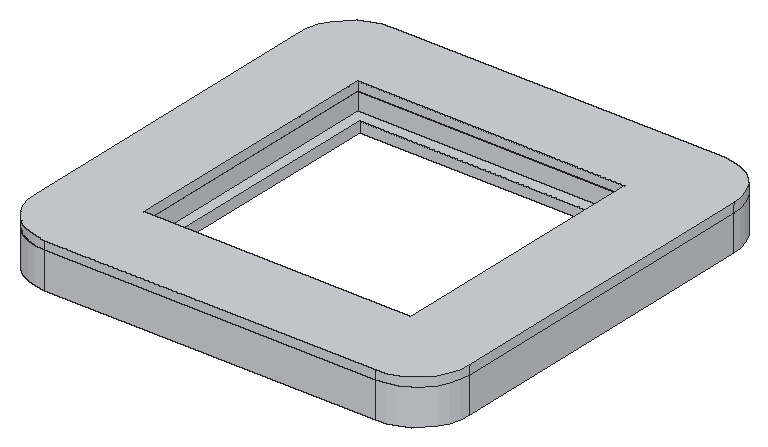
Revit family "Gira_0211413", category Electrical Fixtures, host Face, Revit 2017
Family settings
  Host = Face
  Maintain Annotation Orientation = No
  Round Connector Dimension = Use Diameter
  Part Type = Normal
  Cut with Voids When Loaded = No
  Shared = No
  Room Calculation Point = No
Parameters (values of type "Cov.fr. 1-g Gira E3 dark grey/p.white")
  URL = "http://katalog.gira.de/en/datenblatt.html?artikelnr=0211413"
  Transparent = "No"
  Name = "Cov.fr. 1-g Gira E3 dark grey/p.white"
  Manufacturer URL = "https://www.gira.de/"
  Manufacturer = "Gira"
  Keynote = ""
  HeinzeBIM = "https://bimportal.heinze.de/bim/cov-fr-1-g-gira-e3-dark-grey-p-white/19f9a154e27692f283215f03acee91920990353f"
  HAN = "0211413"
  GTIN = "4010337024026"
  Description = "Cov.fr.1g E3 DgyPw,Gira E3 cover frame,dark grey soft touch with pure white glossy intermediate frame,1-gang,Features:,- Shatter-proof.,,Notes :,- Soft-touch surface,- NCS value: approx. NCS S 7000-N"
  Default Elevation = 1219.2 mm
  Data sheet (1) = "https://katalog.gira.de/en/download.html?artikelnr=0211413"
  Category = "Cover frame for domestic switching devices"
  BIM (1) = "https://media.stage.bim.site/public/gira/36a6b08/E3_Rahmen_1fach.rfa"
  Available = "No"
Reference planes
  plane 1 "Center (Front/Back)": y = 0
  plane 2: z = 0
  plane 3 "Center (Left/Right)": x = 0
Forms (mm)
  Extrusion 1, solid, detail levels fine
    sketch origin (0, 0, 0) x (1, 0, 0) y (0, 1, 0)
      loop
        arc (-34.8, 45.809) -> (-42.585, 42.585) -> (-45.809, 34.8) r 11.009
        line (-45.809, 34.8) -> (-45.809, -34.8)
        arc (-45.809, -34.8) -> (-42.585, -42.585) -> (-34.8, -45.809) r 11.009
        line (-34.8, -45.809) -> (34.8, -45.809)
        arc (34.8, -45.809) -> (42.585, -42.585) -> (45.809, -34.8) r 11.009
        line (45.809, -34.8) -> (45.809, 34.8)
        arc (45.809, 34.8) -> (42.585, 42.585) -> (34.8, 45.809) r 11.009
        line (34.8, 45.809) -> (-34.8, 45.809)
      loop
        line (28.187, 28.156) -> (-28.187, 28.156) -> (-28.187, -28.156) -> (28.187, -28.156) -> (28.187, 28.156)
    from 7.65 to 9.5
  Extrusion 2, solid, detail levels fine
    sketch origin (0, 0, 0) x (1, 0, 0) y (0, 1, 0)
      loop
        line (25.7, 25.7) -> (-25.7, 25.7) -> (-25.7, -25.7) -> (25.7, -25.7) -> (25.7, 25.7)
      loop
        line (-28.187, -28.156) -> (28.187, -28.156) -> (28.187, 28.156) -> (-28.187, 28.156) -> (-28.187, -28.156)
    from 1.65 to 3.9
  Extrusion 3, solid, detail levels fine
    sketch origin (0, 0, 0) x (1, 0, 0) y (0, 1, 0)
      loop
        arc (-34.8, 45.809) -> (-42.585, 42.585) -> (-45.809, 34.8) r 11.009
        line (-45.809, 34.8) -> (-45.809, -34.8)
        arc (-45.809, -34.8) -> (-42.585, -42.585) -> (-34.8, -45.809) r 11.009
        line (-34.8, -45.809) -> (34.8, -45.809)
        arc (34.8, -45.809) -> (42.585, -42.585) -> (45.809, -34.8) r 11.009
        line (45.809, -34.8) -> (45.809, 34.8)
        arc (45.809, 34.8) -> (42.585, 42.585) -> (34.8, 45.809) r 11.009
        line (34.8, 45.809) -> (-34.8, 45.809)
      loop
        line (-43.843, 34.785) -> (-43.843, -34.785)
        arc (-43.843, -34.785) -> (-41.19, -41.19) -> (-34.785, -43.843) r 9.058
        line (-34.785, -43.843) -> (34.785, -43.843)
        arc (34.785, -43.843) -> (41.19, -41.19) -> (43.843, -34.785) r 9.058
        line (43.843, -34.785) -> (43.843, 34.785)
        arc (43.843, 34.785) -> (41.19, 41.19) -> (34.785, 43.843) r 9.058
        line (34.785, 43.843) -> (-34.785, 43.843)
        arc (-34.785, 43.843) -> (-41.19, 41.19) -> (-43.843, 34.785) r 9.058
    from 0 to 7.65
  Extrusion 4, solid, detail levels fine
    sketch origin (0, 0, 0) x (1, 0, 0) y (0, 1, 0)
      loop
        line (-27.337, -31.075) -> (27.337, -31.075)
        arc (27.337, -31.075) -> (29.98, -29.98) -> (31.075, -27.337) r 3.739
        line (31.075, -27.337) -> (31.075, 27.337)
        arc (31.075, 27.337) -> (29.98, 29.98) -> (27.337, 31.075) r 3.739
        line (27.337, 31.075) -> (-27.337, 31.075)
        arc (-27.337, 31.075) -> (-29.98, 29.98) -> (-31.075, 27.337) r 3.739
        line (-31.075, 27.337) -> (-31.075, -27.337)
        arc (-31.075, -27.337) -> (-29.98, -29.98) -> (-27.337, -31.075) r 3.739
      loop
        line (-29.925, 27.537) -> (-29.925, -27.537)
        arc (-29.925, -27.537) -> (-29.226, -29.226) -> (-27.537, -29.925) r 2.389
        line (-27.537, -29.925) -> (27.537, -29.925)
        arc (27.537, -29.925) -> (29.226, -29.226) -> (29.925, -27.537) r 2.389
        line (29.925, -27.537) -> (29.925, 27.537)
        arc (29.925, 27.537) -> (29.226, 29.226) -> (27.537, 29.925) r 2.389
        line (27.537, 29.925) -> (-27.537, 29.925)
        arc (-27.537, 29.925) -> (-29.226, 29.226) -> (-29.925, 27.537) r 2.389
    from 1.65 to 7.65
  Extrusion 5, solid, detail levels fine
    sketch origin (0, 0, 0) x (1, 0, 0) y (0, 1, 0)
      loop
        line (-32.053, -39.8) -> (32.053, -39.8)
        arc (32.053, -39.8) -> (37.667, -36.708) -> (39.9, -30.7) r 9.2
        line (39.9, -30.7) -> (39.9, 30.7)
        arc (39.9, 30.7) -> (37.205, 37.205) -> (30.7, 39.9) r 9.2
        line (30.7, 39.9) -> (-30.7, 39.9)
        arc (-30.7, 39.9) -> (-37.205, 37.205) -> (-39.9, 30.7) r 9.2
        line (-39.9, 30.7) -> (-39.9, -30.7)
        arc (-39.9, -30.7) -> (-37.667, -36.708) -> (-32.053, -39.8) r 9.2
      loop
        line (-30.7, -31.7) -> (30.7, -31.7)
        arc (30.7, -31.7) -> (31.407, -31.407) -> (31.7, -30.7) r 1
        line (31.7, -30.7) -> (31.7, 30.7)
        arc (31.7, 30.7) -> (31.407, 31.407) -> (30.7, 31.7) r 1
        line (30.7, 31.7) -> (-30.7, 31.7)
        arc (-30.7, 31.7) -> (-31.407, 31.407) -> (-31.7, 30.7) r 1
        line (-31.7, 30.7) -> (-31.7, -30.7)
        arc (-31.7, -30.7) -> (-31.407, -31.407) -> (-30.7, -31.7) r 1
    from 1.65 to 3.9
  Extrusion 6, solid, detail levels fine
    sketch origin (0, 0, 0) x (1, 0, 0) y (0, 1, 0)
      loop
        line (-28.187, 28.156) -> (-28.187, -28.156) -> (28.187, -28.156) -> (28.187, 28.156) -> (-28.187, 28.156)
      loop
        line (-29.925, 29.925) -> (-29.925, -29.925) -> (29.925, -29.925) -> (29.925, 29.925) -> (-29.925, 29.925)
    from 1.65 to 7.65
  Extrusion 7, solid, detail levels coarse+medium
    sketch origin (0, 0, 0) x (1, 0, 0) y (0, 1, 0)
      loop
        line (-45.809, 45.809) -> (-45.809, -45.809) -> (45.809, -45.809) -> (45.809, 45.809) -> (-45.809, 45.809)
    from 0 to 9.5
Dimensions and locks
  aligned and locked: plane 2 to host face
  aligned and locked: level to host face
